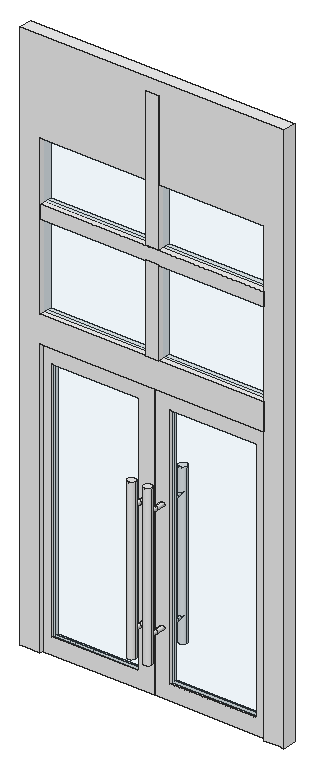
Revit family
Parameters (values of type "4200x2000 mm")
  프레임 = ""
  개구부 폭 = 1920 mm
  2프레임 = 프레임
  모서리 = 모서리
  철물 = ""
  Assembly Code = ""
  유리/마감 = ""
  유리 = 유리
  위치/개소 = ""
  부호 = "4/AD"
  문번호 = "4"
  문기호 = "AD"
  Height = 4200 mm
  Wall Closure = (empty or 0)
  Width = 2000 mm
Types (4, lengths in mm): name | 개구부 폭 | 부호 | 문번호 | Height | Width
  4200x2000 mm | 1920 | "4/AD" | "4" | 4200 | 2000
  4200x3900 mm | 1920 | "3/AD" | "3" | 4200 | 3900
  4200x2600 mm | 1920 | "3/AD" | "3" | 4200 | 2600
  3600x2500 mm | 1800 | "4/AD" | "4" | 3600 | 2500
Reference planes
  plane 1: y = 0
  plane 2 "중심(왼쪽/오른쪽)": x = 0
  plane 3 "왼쪽": x = -1000
  plane 4 "오른쪽": x = 1000
  plane 5: z = 4200
  plane 6 "외부": y = 100
  plane 7 "내부": y = -100
  plane 8: x = -850
  plane 9: x = 850
  plane 10: x = 960
  plane 11: x = -960
  plane 12: x = -900
  plane 13: x = 900
  plane 14: y = 12.5
  plane 15: y = -12.5
  plane 16: y = -50
  plane 17: z = 4100
  plane 18: y = 50
  plane 19: z = 2300
  plane 20: z = -300
  plane 21: z = 2100
  plane 22: z = 600
  plane 23: z = 1500
  plane 24: x = -50
  plane 25: x = 50
  plane 26: z = 100
  plane 27: z = 2950
  plane 28: z = 3050
Forms (mm)
  Extrusion 1, solid, material "프레임" <- "2프레임"
    sketch origin (0, 0, 0) x (1, 0, 0) y (0, 1, 0)
      loop
        line (-850, 50) -> (-1000, 50) -> (-1000, -50) -> (-850, -50) -> (-850, 50)
    from 0 to 4100
  Extrusion 2, solid, material "프레임" <- "2프레임"
    sketch origin (1450, 0, 0) x (1, 0, 0) y (0, 1, 0)
      loop
        line (-2350, 50) -> (-2410, 50) -> (-2410, -50) -> (-2350, -50) -> (-2350, 50)
    from 0 to 2100
  Extrusion 3, solid, material "프레임" <- "2프레임"
    sketch origin (3300.295, 0, 0) x (1, 0, 0) y (0, 1, 0)
      loop
        line (-2340, 50) -> (-2400, 50) -> (-2400, -50) -> (-2340, -50) -> (-2340, 50)
    from 0 to 2100
  Extrusion 4, solid, material "프레임" <- "2프레임"
    sketch origin (4750.295, 0, 0) x (1, 0, 0) y (0, 1, 0)
      loop
        line (-3750, 50) -> (-3900, 50) -> (-3900, -50) -> (-3750, -50) -> (-3750, 50)
    from 0 to 4100
  Extrusion 5, solid, material "프레임" <- "2프레임"
    sketch origin (0, 0, 0) x (1, 0, 0) y (0, 1, 0)
      loop
        line (-1000, 50) -> (-1000, -50) -> (1000.295, -50) -> (1000.295, 50) -> (-1000, 50)
    from 3500 to 4200
  Extrusion 6, solid, material "유리" <- "유리"
    sketch origin (0, 0, 0) x (1, 0, 0) y (0, 1, 0)
      loop
        line (-960, -12.5) -> (-850, -12.5) -> (-850, 12.5) -> (-960, 12.5) -> (-960, -12.5)
      loop
        line (960.295, -12.5) -> (960.295, 12.5) -> (850, 12.5) -> (850, -12.5) -> (960.295, -12.5)
    from 100 to 2100
  Extrusion 7, solid, material "유리" <- "유리"
    sketch origin (0, 0, 0) x (1, 0, 0) y (0, 1, 0)
      loop
        line (-900, -12.5) -> (0, -12.5) -> (0, 12.5) -> (-900, 12.5) -> (-900, -12.5)
    from 0 to 2100
  Extrusion 8, solid, material "유리" <- "유리"
    sketch origin (0, 0, 0) x (1, 0, 0) y (0, 1, 0)
      loop
        line (900, -12.5) -> (900, 12.5) -> (0, 12.5) -> (0, -12.5) -> (900, -12.5)
    from 0 to 2100
  Extrusion 9, solid, material "프레임" <- "2프레임"
    sketch origin (60, 0, 0) x (1, 0, 0) y (0, 1, 0)
      loop
        line (-910, 50) -> (-910, -50) -> (790, -50) -> (790, 50) -> (-910, 50)
    from 2100 to 2300
  Extrusion 10, solid, material "프레임" <- "2프레임"
    sketch origin (0, 0, 0) x (1, 0, 0) y (0, 1, 0)
      loop
        line (-850, 50) -> (-960, 50) -> (-960, -50) -> (-850, -50) -> (-850, 50)
      loop
        line (960.295, -50) -> (960.295, 50) -> (850.295, 50) -> (850.295, -50) -> (960.295, -50)
    from 0 to 100
  Extrusion 11, solid, material "유리" <- "유리"
    sketch origin (0, 0, 0) x (1, 0, 0) y (0, 1, 0)
      loop
        line (-850, -12.5) -> (-50, -12.5) -> (-50, 12.5) -> (-850, 12.5) -> (-850, -12.5)
      loop
        line (50, -12.5) -> (850, -12.5) -> (850, 12.5) -> (50, 12.5) -> (50, -12.5)
    from 2300 to 2950
  Sweep 12, solid, material "모서리" <- "모서리"
    path origin (4157.029, -12.5, 1200) x (1, 0, 0) y (0, 0, 1)
      loop
        line (-4157.029, -1200) -> (-3256.735, -1200) -> (-3256.735, 900) -> (-4157.029, 900) -> (-4157.029, -1200)
    profile origin (0, -12.5, 1050) x (-1, 0, 0) y (0, -1, 0)
      loop
        line (0, 0) -> (0, 15) -> (-120, 15) -> (-120, 0) -> (0, 0)
  Sweep 13, solid, material "모서리" <- "모서리"
    path origin (3256.735, -12.5, 1200) x (1, 0, 0) y (0, 0, 1)
      loop
        line (-4157.029, -1200) -> (-3256.735, -1200) -> (-3256.735, 900) -> (-4157.029, 900) -> (-4157.029, -1200)
    profile origin (-900.295, -12.5, 1050) x (-1, 0, 0) y (0, -1, 0)
      loop
        line (0, 0) -> (0, 15) -> (-120, 15) -> (-120, 0) -> (0, 0)
  Sweep 14, solid, material "모서리" <- "모서리"
    path origin (4157.029, 27.5, 1200) x (1, 0, 0) y (0, 0, 1)
      loop
        line (-4157.029, -1200) -> (-3256.735, -1200) -> (-3256.735, 900) -> (-4157.029, 900) -> (-4157.029, -1200)
    profile origin (0, 27.5, 1050) x (-1, 0, 0) y (0, -1, 0)
      loop
        line (0, 0) -> (0, 15) -> (-120, 15) -> (-120, 0) -> (0, 0)
  Sweep 15, solid, material "모서리" <- "모서리"
    path origin (3256.735, 27.5, 1200) x (1, 0, 0) y (0, 0, 1)
      loop
        line (-4157.029, -1200) -> (-3256.735, -1200) -> (-3256.735, 900) -> (-4157.029, 900) -> (-4157.029, -1200)
    profile origin (-900.295, 27.5, 1050) x (-1, 0, 0) y (0, -1, 0)
      loop
        line (0, 0) -> (0, 15) -> (-120, 15) -> (-120, 0) -> (0, 0)
  Extrusion 16, solid, material "프레임" <- "2프레임"
    sketch origin (0, 0, 0) x (1, 0, 0) y (0, 1, 0)
      loop
        line (-850, 50) -> (-850, -50) -> (850, -50) -> (850, 50) -> (-850, 50)
    from 2950 to 3050
  Extrusion 17, solid, material "유리" <- "유리"
    sketch origin (0, 0, 710) x (1, 0, 0) y (0, 1, 0)
      loop
        line (-850, -12.5) -> (-50, -12.5) -> (-50, 12.5) -> (-850, 12.5) -> (-850, -12.5)
      loop
        line (50, -12.5) -> (850, -12.5) -> (850, 12.5) -> (50, 12.5) -> (50, -12.5)
    from 2340 to 2790
  Extrusion 18, solid, material "프레임" <- "2프레임"
    sketch origin (0, 0, 0) x (1, 0, 0) y (0, 1, 0)
      loop
        line (-50, -50) -> (50, -50) -> (50, 50) -> (-50, 50) -> (-50, -50)
    from 2300 to 2950
  Extrusion 19, solid, material "프레임" <- "2프레임"
    sketch origin (0, 0, 750) x (1, 0, 0) y (0, 1, 0)
      loop
        line (-50, -50) -> (50, -50) -> (50, 50) -> (-50, 50) -> (-50, -50)
    from 2300 to 3350
Cuts and joins
  joined: Extrusion 1, Extrusion 2, Extrusion 3, Extrusion 4, Extrusion 5, Extrusion 9, Extrusion 10
Lines and regions (mm)
  Opening 1
    outline origin (-3050, -100, 0) x (1, 0, 0) y (0, 0, 1)
      loop
        line (2050, 0) -> (4050, 0) -> (4050, 4200) -> (2050, 4200) -> (2050, 0)
  symbolic lines, style "평면 스윙"
    curve 1: line (876, 12.5, 0) -> (876, 854, 0)
    curve 2: line (876, 854, 0) -> (900, 854, 0)
    curve 3: line (900, 854, 0) -> (900, -2.769, 0)
    curve 4: line (-876, -0.2, 0) -> (-876, 853.963, 0)
    curve 5: line (-899.938, 853.963, 0) -> (-899.938, -16.456, 0)
    curve 6: line (-876, -858.831, 0) -> (-899.938, -858.831, 0)
    curve 7: line (-876, -0.2, 0) -> (-876, -858.831, 0)
    curve 8: line (-899.938, -858.831, 0) -> (-899.938, -16.456, 0)
    curve 9: line (876, -858.831, 0) -> (900, -858.831, 0)
    curve 10: line (876, -12.5, 0) -> (876, -858.831, 0)
    curve 11: line (900, -858.831, 0) -> (900, -2.769, 0)
  symbolic lines, style "입면도 스윙"
    curve 12: line (-876, 853.963, 0) -> (-899.938, 853.963, 0)
    curve 13: arc (-899.938, 853.963, 0) -> (-266.443, 629.362, 0) -> (0.278, 12.417, 0) r 841.141
    curve 14: arc (0.278, 12.417, 0) -> (258.574, 620.058, 0) -> (876, 854, 0) r 841.119
    curve 15: arc (-876, -858.831, 0) -> (-258.815, -625.492, 0) -> (0.022, -18.559, 0) r 841
    curve 16: arc (0.022, -18.559, 0) -> (258.843, -625.476, 0) -> (876, -858.831, 0) r 841
  symbolic lines
    curve 17: line (876, -12.5, 0) -> (876, 12.5, 0)
    curve 18: line (0.278, 12.417, 0) -> (0.022, -18.559, 0)
  symbolic lines, style "DoorsOpeningProjection"
    curve 19: line (1005, 100, 4205) -> (-1005, 100, 4205)
    curve 20: line (995, 100, 5) -> (-995, 100, 5)
    curve 21: line (-1000, 100, 5100) -> (-1000, 100, -300)
    curve 22: line (1005, 100, 4205) -> (1005, 100, 0)
    curve 23: line (-1005, 100, 4205) -> (-1005, 100, 0)
    curve 24: line (-995, 100, 4195) -> (-995, 100, 5)
    curve 25: line (1300, 100, 4200) -> (-1300, 100, 4200)
    curve 26: line (995, 100, 4195) -> (-995, 100, 4195)
    curve 27: line (1000, 100, 5100) -> (1000, 100, -300)
    curve 28: line (995, 100, 4195) -> (995, 100, 5)
    curve 29: line (1300.295, 100, 0) -> (-1300, 100, 0)
Text (mm)
  text "외부" at (-2295.016, 1099.543, 0), in view "참조 레벨"
  text "외부" at (0, 1615.38, 3698.081), in view "왼쪽"
  text "외부" at (0, 1036.032, 3874.932), in view "오른쪽"
Dimensions and locks
  equal spacing: plane 3 "왼쪽", plane 2 "중심(왼쪽/오른쪽)", plane 4 "오른쪽"
  "Width": plane 3 "왼쪽" to plane 4 "오른쪽"
  "Height": level to plane 5
  host wall to plane 5 = 4200 mm
  locked: plane 6 "외부" to host wall at 0
  locked: plane 7 "내부" to host wall
  locked: plane 13 to plane 10 at 60
  plane 9 to plane 4 "오른쪽" = 150 mm
  locked: plane 15 to plane 14 at 25
  plane 17 to plane 5 = 100 mm
  "개구부 폭": plane 11 to plane 10
  plane 3 "왼쪽" to plane 8 = 150 mm
  locked: plane 11 to plane 12 at 60
  level to plane 19 = 2300 mm
  locked: curve 29 to curve 20 at 5
  curve 24 to curve 21 to curve 23 = 5 mm locked, 5 mm locked
  curve 26 to curve 25 to curve 19 = 5 mm locked, 5 mm locked
  curve 22 to curve 27 to curve 28 = 5 mm locked, 5 mm locked
  locked: curve 25 to curve 27 at 300
  curve 21 to curve 25 = 300 mm
  locked: curve 29 to plane 3 "왼쪽" at 300
  locked: plane 4 "오른쪽" to curve 29 at 300.295
  locked: plane 21 to plane 19 at 200
  level to plane 22 to plane 23 = 600 mm, 900 mm
  locked: plane 16 to plane 18 at 100
  equal spacing: plane 11, plane 2 "중심(왼쪽/오른쪽)", plane 10
  level to plane 26 = 100 mm
  plane 25 to plane 24 = 100 mm
  level to plane 27 = 2950 mm
  plane 21 to plane 27 = 850 mm
  locked: plane 27 to plane 28 at 100
  equal spacing: plane 16, plane 1, plane 18
  aligned and locked: plane 3 "왼쪽" to Opening 1 sketch curve
  aligned and locked: plane 5 to Opening 1 sketch curve  (x2)
  aligned and locked: Opening 1 sketch curve to plane 4 "오른쪽"
  aligned and locked: Opening 1 sketch curve to level
  aligned and locked: plane 1 to host wall
  aligned and locked: plane 8 to Extrusion 1 sketch curve
  aligned and locked: plane 3 "왼쪽" to Extrusion 1 sketch curve
  aligned and locked: Extrusion 4 to plane 17
  aligned and locked: Extrusion 1 to plane 17
  aligned and locked: Extrusion 4 to Extrusion 5 sketch curve
  aligned and locked: Extrusion 5 sketch curve to Extrusion 4
  aligned and locked: Extrusion 5 to host wall
  aligned and locked: plane 11 to Extrusion 6 sketch curve
  aligned and locked: Extrusion 6 sketch curve to plane 15
  aligned and locked: plane 14 to Extrusion 6 sketch curve  (x2)
  aligned and locked: Extrusion 6 sketch curve to plane 8
  aligned and locked: cut or joined group of Extrusion 1, Extrusion 2, Extrusion 3, Extrusion 4, Extrusion 5, Extrusion 9, Extrusion 10 to Extrusion 6 sketch curve
  aligned and locked: plane 15 to Extrusion 6 sketch curve
  aligned and locked: plane 14 to Extrusion 7 sketch curve
  aligned and locked: plane 14 to Extrusion 8 sketch curve
  aligned and locked: plane 18 to Extrusion 4
  aligned and locked: plane 18 to Extrusion 3
  aligned and locked: plane 18 to Extrusion 2
  aligned and locked: Extrusion 8 to plane 13
  aligned and locked: plane 12 to Extrusion 7
  aligned and locked: Extrusion 8 to plane 2 "중심(왼쪽/오른쪽)"
  aligned and locked: plane 2 "중심(왼쪽/오른쪽)" to Extrusion 7
  aligned and locked: Extrusion 6 to cut or joined group of Extrusion 1, Extrusion 2, Extrusion 3, Extrusion 4, Extrusion 5, Extrusion 9, Extrusion 10
  aligned and locked: cut or joined group of Extrusion 1, Extrusion 2, Extrusion 3, Extrusion 4, Extrusion 5, Extrusion 9, Extrusion 10 to Extrusion 10 sketch curve  (x2)
  aligned and locked: Extrusion 10 sketch curve to cut or joined group of Extrusion 1, Extrusion 2, Extrusion 3, Extrusion 4, Extrusion 5, Extrusion 9, Extrusion 10  (x3)
  aligned and locked: Extrusion 6 to Extrusion 10
  aligned and locked: Extrusion 9 sketch curve to plane 18
  aligned and locked: Extrusion 5 sketch curve to plane 18
  aligned and locked: Extrusion 6 to Extrusion 11 sketch curve  (x3)
  aligned and locked: Extrusion 11 sketch curve to Extrusion 6  (x3)
  aligned and locked: Sweep 13 to nested 1
  aligned and locked: Extrusion 11 to cut or joined group of Extrusion 1, Extrusion 2, Extrusion 3, Extrusion 4, Extrusion 5, Extrusion 9, Extrusion 10
  aligned and locked: Extrusion 8 to cut or joined group of Extrusion 1, Extrusion 2, Extrusion 3, Extrusion 4, Extrusion 5, Extrusion 9, Extrusion 10
  aligned and locked: Extrusion 7 to cut or joined group of Extrusion 1, Extrusion 2, Extrusion 3, Extrusion 4, Extrusion 5, Extrusion 9, Extrusion 10
  aligned and locked: curve 17 to curve 1
  aligned and locked: plane 5 to curve 25
  aligned and locked: curve 29 to level
  aligned and locked: plane 3 "왼쪽" to cut or joined group of Extrusion 1, Extrusion 2, Extrusion 3, Extrusion 4, Extrusion 5, Extrusion 9, Extrusion 10
  aligned and locked: curve 21 to plane 3 "왼쪽"
  aligned and locked: curve 27 to plane 4 "오른쪽"
  aligned and locked: plane 21 to Extrusion 6
  aligned and locked: plane 21 to Sweep 14 sketch curve
  aligned and locked: plane 21 to Sweep 15 sketch curve
  aligned and locked: plane 21 to Sweep 12 sketch curve
  aligned and locked: plane 21 to Sweep 13 sketch curve
  aligned and locked: plane 23 to nested 3
  aligned and locked: plane 23 to nested 1
  aligned and locked: nested 4 to plane 23
  aligned and locked: nested 2 to plane 23
  aligned and locked: plane 19 to Extrusion 9
  aligned and locked: Sweep 14 to Extrusion 6
  aligned and locked: Sweep 15 to Extrusion 6
  aligned and locked: Sweep 14 to nested 4
  aligned and locked: nested 3 to Sweep 15
  aligned and locked: Extrusion 10 sketch curve to plane 18
  aligned and locked: Extrusion 10 sketch curve to plane 16
  aligned and locked: plane 16 to Extrusion 10 sketch curve
  aligned and locked: Extrusion 1 to Extrusion 2
  aligned and locked: plane 16 to cut or joined group of Extrusion 1, Extrusion 2, Extrusion 3, Extrusion 4, Extrusion 5, Extrusion 9, Extrusion 10
  aligned and locked: Extrusion 6 to plane 9
  aligned and locked: plane 26 to cut or joined group of Extrusion 1, Extrusion 2, Extrusion 3, Extrusion 4, Extrusion 5, Extrusion 9, Extrusion 10
  aligned and locked: Extrusion 16 sketch curve to cut or joined group of Extrusion 1, Extrusion 2, Extrusion 3, Extrusion 4, Extrusion 5, Extrusion 9, Extrusion 10
  aligned and locked: cut or joined group of Extrusion 1, Extrusion 2, Extrusion 3, Extrusion 4, Extrusion 5, Extrusion 9, Extrusion 10 to Extrusion 16 sketch curve
  aligned and locked: Extrusion 16 sketch curve to plane 8
  aligned and locked: plane 9 to Extrusion 16 sketch curve
  aligned and locked: Extrusion 11 to Extrusion 16
  aligned and locked: cut or joined group of Extrusion 1, Extrusion 2, Extrusion 3, Extrusion 4, Extrusion 5, Extrusion 9, Extrusion 10 to Extrusion 3
  aligned and locked: Extrusion 2 to Extrusion 3
  aligned and locked: Extrusion 16 to plane 28
  aligned and locked: Extrusion 17 to Extrusion 16
  aligned and locked: plane 24 to Extrusion 18 sketch curve
  aligned and locked: plane 16 to Extrusion 18 sketch curve
  aligned and locked: plane 18 to Extrusion 18 sketch curve
  aligned and locked: plane 25 to Extrusion 18 sketch curve
  aligned and locked: Extrusion 19 to plane 17
  aligned and locked: Extrusion 18 to Extrusion 16
  aligned and locked: Extrusion 18 to cut or joined group of Extrusion 1, Extrusion 2, Extrusion 3, Extrusion 4, Extrusion 5, Extrusion 9, Extrusion 10
  aligned and locked: Extrusion 19 to Extrusion 16
Automatic sketch dimensions
  Extrusion 1 sketch curve to plane 16 = 0 mm
  Extrusion 1 sketch curve to plane 18 = 0 mm
  Extrusion 2 sketch curve to plane 11 = 0 mm
  Extrusion 2 sketch curve to plane 12 = 0 mm
  Extrusion 2 sketch curve to plane 16 = 0 mm
  Extrusion 2 sketch curve to plane 18 = 0 mm
  Extrusion 3 sketch curve to plane 18 = 0 mm
  Extrusion 3 sketch curve to plane 16 = 0 mm
  Extrusion 3 sketch curve to plane 13 = 0.295 mm
  Extrusion 3 sketch curve to plane 10 = 0.295 mm
  Extrusion 4 sketch curve to plane 18 = 0 mm
  Extrusion 4 sketch curve to plane 16 = 0 mm
  Extrusion 4 sketch curve to plane 9 = 0.295 mm
  Extrusion 4 sketch curve to plane 4 "오른쪽" = 0.295 mm
  Extrusion 5 sketch curve to plane 3 "왼쪽" = 0 mm
  Extrusion 6 sketch curve to plane 9 = 0 mm
  Extrusion 7 sketch curve to plane 12 = 0 mm
  Extrusion 7 sketch curve to plane 2 "중심(왼쪽/오른쪽)" = 0 mm
  Extrusion 7 sketch curve to plane 15 = 0 mm
  Extrusion 8 sketch curve to plane 2 "중심(왼쪽/오른쪽)" = 0 mm
  Extrusion 8 sketch curve to plane 13 = 0 mm
  Extrusion 8 sketch curve to plane 15 = 0 mm
  curve 10 to plane 15 = 0 mm
  curve 1 to plane 14 = 0 mm
  curve 9 to plane 13 = 0 mm
  plane 13 to curve 16 = 24 mm
  curve 14 to plane 14 = 1.094 mm
  curve 14 to curve 1 = 34.604 mm
  plane 15 to curve 16 = 6.058 mm
  curve 16 to curve 14 = 0.374 mm
  plane 14 to curve 14 = 0.083 mm
  plane 2 "중심(왼쪽/오른쪽)" to curve 14 = 0.278 mm
  plane 2 "중심(왼쪽/오른쪽)" to curve 18 = 0.022 mm
  curve 13 to plane 14 = 2.4 mm
  curve 13 to plane 12 = 59.141 mm
  plane 15 to curve 15 = 6.06 mm
  curve 15 to curve 13 = 0.119 mm
  curve 7 to plane 12 = 24 mm
  curve 5 to plane 12 = 0.062 mm
  plane 15 to curve 5 = 3.956 mm
  host wall to curve 11 = 2.769 mm
  host wall to curve 7 = 0.2 mm
  Extrusion 9 sketch curve to plane 8 = 0 mm
  Extrusion 9 sketch curve to plane 9 = 0 mm
  Extrusion 9 sketch curve to plane 16 = 0 mm
  Extrusion 11 sketch curve to plane 24 = 0 mm
  Extrusion 11 sketch curve to plane 25 = 0 mm
  Sweep 12 sketch curve to plane 2 "중심(왼쪽/오른쪽)" = 0 mm
  Sweep 12 sketch curve to level = 0 mm
  Sweep 12 sketch curve to plane 13 = 0.295 mm
  Sweep 12 sketch curve to plane 15 = 0 mm
  Sweep 12 sketch curve to profile plane = 0 mm
  plane 15 to Sweep 12 sketch curve = 15 mm
  Sweep 12 sketch curve to Sweep 12 sketch curve = 120 mm
  Sweep 13 sketch curve to level = 0 mm
  Sweep 13 sketch curve to plane 2 "중심(왼쪽/오른쪽)" = 0 mm
  plane 12 to Sweep 13 sketch curve = 0.295 mm
  Sweep 13 sketch curve to plane 15 = 0 mm
  Sweep 13 sketch curve to profile plane = 0 mm
  plane 15 to Sweep 13 sketch curve = 15 mm
  Sweep 13 sketch curve to Sweep 13 sketch curve = 120 mm
  Sweep 14 sketch curve to plane 2 "중심(왼쪽/오른쪽)" = 0 mm
  Sweep 14 sketch curve to level = 0 mm
  Sweep 14 sketch curve to plane 13 = 0.295 mm
  Sweep 14 sketch curve to profile plane = 0 mm  (x2)
  profile plane to Sweep 14 sketch curve = 15 mm
  Sweep 14 sketch curve to Sweep 14 sketch curve = 120 mm
  Sweep 15 sketch curve to level = 0 mm
  Sweep 15 sketch curve to plane 2 "중심(왼쪽/오른쪽)" = 0 mm
  plane 12 to Sweep 15 sketch curve = 0.295 mm
  Sweep 15 sketch curve to profile plane = 0 mm  (x2)
  profile plane to Sweep 15 sketch curve = 15 mm
  Sweep 15 sketch curve to Sweep 15 sketch curve = 120 mm
  curve 27 to plane 20 = 0 mm
  curve 21 to plane 20 = 0 mm
  curve 19 to curve 27 = 895 mm
  curve 19 to curve 21 = 895 mm
  Extrusion 17 sketch curve to plane 8 = 0 mm
  Extrusion 17 sketch curve to plane 14 = 0 mm  (x2)
  Extrusion 17 sketch curve to plane 24 = 0 mm
  Extrusion 17 sketch curve to plane 15 = 0 mm  (x2)
  Extrusion 17 sketch curve to plane 25 = 0 mm
  Extrusion 17 sketch curve to plane 9 = 0 mm
  Extrusion 19 sketch curve to plane 18 = 0 mm
  Extrusion 19 sketch curve to plane 24 = 0 mm
  Extrusion 19 sketch curve to plane 25 = 0 mm
  Extrusion 19 sketch curve to plane 16 = 0 mm
Nested families
  nested 1: "KO_문 손잡이 유형3" at (-61, -27.5, -300), type "핸들 유형3 01 길이600"
  nested 2: "KO_문 손잡이 유형3" at (61, -25, -300) x (-1, 0, 0) z (0, 0, 1), type "핸들 유형3 01 길이600"
  nested 3: "KO_문 손잡이 유형3" at (-61, 27.5, -300), type "핸들 유형3 01 길이600"
  nested 4: "KO_문 손잡이 유형3" at (61, 27.5, -300) x (-1, 0, 0) z (0, 0, 1), type "핸들 유형3 01 길이600"
Definition of nested family "KO_문 손잡이 유형3"
  Parameters (values of type "핸들 유형3 01 길이600")
    링크 점 = 180 mm
    링크 재료 = 금속 - 크롬(2)
    핸들 재료 = 금속 - 크롬(2)
    핸들 깊이 = 140 mm
    핸들 반지름 = 30 mm
    기둥 점 = 600 mm
    핸들 길이 = 1200 mm
    Assembly Code = ""
  Types (3, lengths in mm): name | 링크 점 | 핸들 깊이 | 핸들 반지름 | 기둥 점 | 핸들 길이
    핸들 유형3 01 길이600 | 180 | 140 | 30 | 600 | 1200
    핸들 유형3 02 길이650 | 100 | 80 | 15 | 500 | 650
    핸들 유형3 03 길이700 | 100 | 80 | 15 | 500 | 700
  Reference planes
    plane 1 "중심(앞/뒤)": y = 0
    plane 2: z = 0
    plane 3 "중심(왼쪽/오른쪽)": x = 0
    plane 4 "하드웨어": z = 600
    plane 5: z = 1800
  Forms (mm)
    Sweep 1, solid, material "금속 - 크롬(2)" <- "핸들 재료"
      path origin (0, 0, 0) x (0, 1, 0) y (0, 0, 1)
        loop
          line (-140, 1800) -> (-140, 600)
      profile origin (0, 0, 1200) x (1, 0, 0) y (0, 1, 0)
        loop
          circle (0, -140) r 30
    Revolve 2, solid, material "금속 - 크롬(2)" <- "링크 재료"
      sketch origin (0, 0, 0) x (0, 1, 0) y (0, 0, 1)
        loop
          line (-140, 1620) -> (0, 1620) -> (0, 1635) -> (-70, 1635) -> (-140, 1627.081) -> (-140, 1620)
        axis (-140, 1620) -> (0, 1620)
      angle from 0 to 360
    Revolve 3, solid, material "금속 - 크롬(2)" <- "링크 재료"
      sketch origin (0, 0, 0) x (0, 1, 0) y (0, 0, 1)
        loop
          line (0, 780) -> (0, 795) -> (-70, 795) -> (-140, 787.081) -> (-140, 780) -> (0, 780)
        axis (-140, 780) -> (0, 780)
      angle from 0 to 360
  Dimensions and locks
    "기둥 점": plane 4 "하드웨어" to plane 2
    "핸들 길이": plane 5 to plane 4 "하드웨어"
    "핸들 깊이": Sweep 1 sketch curve to plane 1 "중심(앞/뒤)"
    locked: Revolve 2 sketch curve to Revolve 2 sketch curve at 15
    locked: Revolve 2 sketch curve to Revolve 2 sketch curve at 7.081
    "링크 점": Revolve 2 sketch curve to Sweep 1
    locked: Revolve 3 sketch curve to Revolve 3 sketch curve at 7.081
    locked: Revolve 3 sketch curve to Revolve 3 sketch curve at 15
    "링크 점": plane 4 "하드웨어" to Revolve 3 sketch curve
    equal spacing: Revolve 2 sketch curve, Revolve 2 sketch curve, Revolve 2 sketch curve
    equal spacing: Revolve 3 sketch curve, Revolve 3 sketch curve, Revolve 3 sketch curve
    "핸들 반지름": radius of Sweep 1 sketch curve
    aligned and locked: plane 4 "하드웨어" to Sweep 1 sketch curve
    aligned and locked: plane 5 to Sweep 1 sketch curve
    aligned and locked: Sweep 1 to Revolve 2 sketch curve  (x2)
    aligned and locked: Sweep 1 to Revolve 3 sketch curve
    aligned and locked: Revolve 3 sketch curve to plane 1 "중심(앞/뒤)"
  Automatic sketch dimensions
    Sweep 1 sketch curve to plane 3 "중심(왼쪽/오른쪽)" = 0 mm
    Sweep 1 sketch curve to profile plane = 0 mm
    Revolve 2 sketch curve to Revolve 2 sketch curve = 0 mm  (x2)
    Revolve 2 sketch curve to plane 1 "중심(앞/뒤)" = 70 mm
    Revolve 3 sketch curve to Revolve 3 sketch curve = 0 mm  (x2)
    Revolve 3 sketch curve to Revolve 3 sketch curve = 39.243 mm
    Revolve 2 sketch curve to plane 1 "중심(앞/뒤)" = 0 mm
